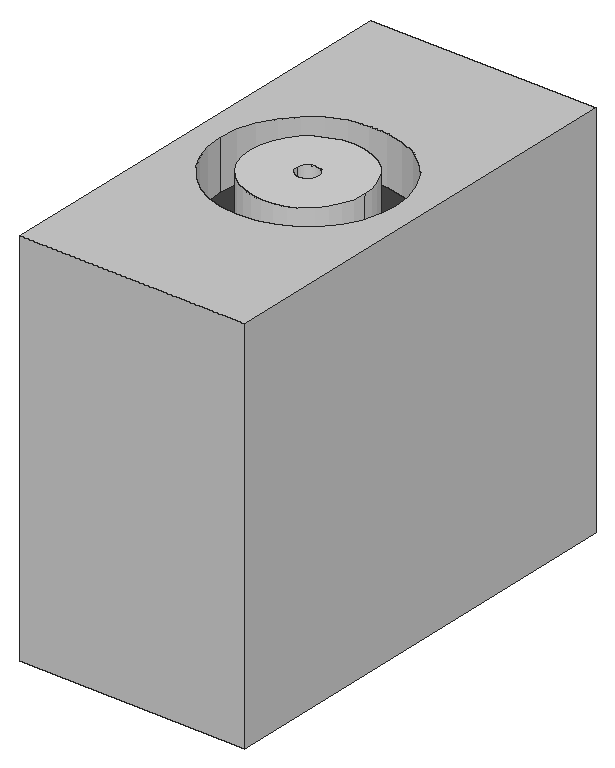
Revit family "Domotics-DomesticRanges-GEWISS-CHORUS_DATA-SOCKET-OUTLET_TV-SAT", category Apparecchi elettrici, host Superficie, Revit 2016
Family settings
  Host = Superficie
  Mantenere orientamento annotazione = Sì
  Tipo di parte = Normale
  Quota connettore circolare = Usa diametro
  Taglio con vuoti quando caricato = Sì
  Condiviso = Sì
  Punto di calcolo locali = Sì
Parameters (values of type "GW14374 - TV/SAT SOCKET 1M THROUGH 14dB F.CONN F T")
  Volt = 230 V
  Vista in pianta [instance] = yes
  Version file RFA = "19.0"
  URL = "https://www.gewiss.com/ww/en"
  Tipo_ = SYSTEM PRESE TV-SAT_GENERICO : GW titanio
  Technical sheet = "https://www.gewiss.com/ww/en/search?q=GW14374"
  Simbolo [instance] = yes
  Realized by GEWISS S.p.A. = ""
  Default Elevation = 1219.2 mm
  Produttore = "GEWISS S.p.A."
  Offset presa [instance] = 0 mm
  Offset bidimensionale [instance] = 39.3 mm
  N. poli = 1
  Modello = "GW14374"
  Immagine tipo = GW14371.jpg
  IFC.TypeObject = ""
  IFC.ExportType = ""
  IFC.ExportAs = ""
  IDT = "bacfc3d2-aa9f-48c9-8e08-3d3563ba30a4"
  IDF = "a22b526e-bee1-44ee-8d36-1e99666e472c"
  Electrocod = "0131                "
  EAN code = "8011564267039"
  Distanza_x [instance] = 0 mm
  Distanza_effettiva_y [instance] = 100 mm
  Distanza_effettiva_x [instance] = 1000 mm - Distanza_x  # 1000 mm
  Distanza orizzontale del simbolo [instance] = 45.729 mm
  Distanza dal muro [instance] = 4.208 mm
  Descrizione = "TV/SAT SOCKET 1M THROUGH 14dB F.CONN F T"
  Catalogue Range = "CHORUS - DOMESTIC RANGE"
  Catalogue = "DOMOTICS"
  Carico apparente = 0 VA
  COBie.Tagnumber = ""
  COBie.CreatedOn = ""
  COBie.CreatebBy = ""
  COBie.ComponentRegisterItemID = ""
  COBie.Component.TagNumber = ""
  COBie.Component.Space = ""
  COBie.Component.SerialNumber = ""
  COBie.Component.InstallationDate = ""
  COBie.Component.Description = ""
  COBie.Component.BarCode = ""
Types (12, lengths in mm): name | Tipo_ | Technical sheet | Modello | Immagine tipo | IDT | EAN code | Descrizione
  GW10371 - TV/SAT SOCKET 1M DIRECT F.CONN F WHITE | SYSTEM PRESE TV-SAT_GENERICO : GW bianco | "https://www.gewiss.com/ww/en/search?q=GW10371" | "GW10371" | GW10371.jpg | "651d4cbe-b60b-49dc-9467-a144d39ca3f4" | "8011564258976" | "TV/SAT SOCKET 1M DIRECT F.CONN F WHITE"
  GW10373 - TV/SAT SOCKET 1M THROUGH 10dB F.CONN F W | SYSTEM PRESE TV-SAT_GENERICO : GW bianco | "https://www.gewiss.com/ww/en/search?q=GW10373" | "GW10373" | GW10371.jpg | "8775f8ed-5378-44e9-9291-8e3a9621402a" | "8011564259379" | "TV/SAT SOCKET 1M THROUGH 10dB F.CONN F W"
  GW10374 - TV/SAT SOCKET 1M THROUGH 14dB F.CONN F W | SYSTEM PRESE TV-SAT_GENERICO : GW bianco | "https://www.gewiss.com/ww/en/search?q=GW10374" | "GW10374" | GW10371.jpg | "93d9e07e-83ea-4564-9baf-de39234038d2" | "8011564259386" | "TV/SAT SOCKET 1M THROUGH 14dB F.CONN F W"
  GW10372 - TV/SAT SOCKET 1M THROUGH 5dB F.CONN F W | SYSTEM PRESE TV-SAT_GENERICO : GW bianco | "https://www.gewiss.com/ww/en/search?q=GW10372" | "GW10372" | GW10371.jpg | "75b2ecfc-32a0-4029-9220-75e665effec4" | "8011564259362" | "TV/SAT SOCKET 1M THROUGH 5dB F.CONN F W"
  GW12371 - TV/SAT SOCKET 1M DIRECT F.CONN FEM B | SYSTEM PRESE TV-SAT_GENERICO : GW nero | "https://www.gewiss.com/ww/en/search?q=GW12371" | "GW12371" | GW12371.jpg | "8fc7672f-194d-491b-a95f-77dae402c105" | "8011564266674" | "TV/SAT SOCKET 1M DIRECT F.CONN FEM B"
  GW12373 - TV/SAT SOCKET 1M THROUGH 10dB F.CONN F B | SYSTEM PRESE TV-SAT_GENERICO : GW nero | "https://www.gewiss.com/ww/en/search?q=GW12373" | "GW12373" | GW12371.jpg | "6c520526-d988-4434-99b2-1fd5665010d3" | "8011564268975" | "TV/SAT SOCKET 1M THROUGH 10dB F.CONN F B"
  GW12374 - TV/SAT SOCKET 1M THROUGH 14dB F.CONN F B | SYSTEM PRESE TV-SAT_GENERICO : GW nero | "https://www.gewiss.com/ww/en/search?q=GW12374" | "GW12374" | GW12371.jpg | "68d82b11-8f6c-462e-b4d3-f078f6a50ddf" | "8011564268982" | "TV/SAT SOCKET 1M THROUGH 14dB F.CONN F B"
  GW12372 - TV/SAT SOCKET 1M THROUGH 5dB F.CONN F B | SYSTEM PRESE TV-SAT_GENERICO : GW nero | "https://www.gewiss.com/ww/en/search?q=GW12372" | "GW12372" | GW12371.jpg | "a00ede36-9391-4ca5-aad6-21cad01033a5" | "8011564268968" | "TV/SAT SOCKET 1M THROUGH 5dB F.CONN F B"
  GW14371 - TV/SAT SOCKET 1M DIRECT F.CONN FEM. T | SYSTEM PRESE TV-SAT_GENERICO : GW titanio | "https://www.gewiss.com/ww/en/search?q=GW14371" | "GW14371" | GW14371.jpg | "76908574-4404-4803-9588-a5cfa61e3ce3" | "8011564266803" | "TV/SAT SOCKET 1M DIRECT F.CONN FEM. T"
  GW14372 - TV/SAT SOCKET 1M THROUGH 5dB F.CONN F T | SYSTEM PRESE TV-SAT_GENERICO : GW titanio | "https://www.gewiss.com/ww/en/search?q=GW14372" | "GW14372" | GW14371.jpg | "7ecf5586-fc4b-46bf-b05b-4add57039093" | "8011564267015" | "TV/SAT SOCKET 1M THROUGH 5dB F.CONN F T"
  GW14373 - TV/SAT SOCKET 1M THROUGH 10dB F.CONN F T | SYSTEM PRESE TV-SAT_GENERICO : GW titanio | "https://www.gewiss.com/ww/en/search?q=GW14373" | "GW14373" | GW14371.jpg | "076d6f9d-2dd7-4344-9fdd-3cfd3ca6fe52" | "8011564267022" | "TV/SAT SOCKET 1M THROUGH 10dB F.CONN F T"
  GW14374 - TV/SAT SOCKET 1M THROUGH 14dB F.CONN F T | SYSTEM PRESE TV-SAT_GENERICO : GW titanio | "https://www.gewiss.com/ww/en/search?q=GW14374" | "GW14374" | GW14371.jpg | "bacfc3d2-aa9f-48c9-8e08-3d3563ba30a4" | "8011564267039" | "TV/SAT SOCKET 1M THROUGH 14dB F.CONN F T"
Reference planes
  plane 1 "Centro (Fronte/Retro)": y = 0
  plane 2: z = 0
  plane 3 "Centro (Sinistra/Destra)": x = 0
  plane 4: x = -1000
  plane 5: x = 0
  plane 6: y = 100
  plane 7: z = 0
  plane 8 "A": z = 39.3
  plane 9: z = 39
Lines and regions (mm)
  Masking region 1, visible <- "Vista in pianta"
    outline origin (0, 0, 0) x (1, 0, 0) y (0, 1, 0)
      loop
        line (-11.5, 22.5) -> (-11.5, -22.5) -> (11.5, -22.5) -> (11.5, 22.5) -> (-11.5, 22.5)
      loop
        circle (0, 0) r 5.854
      loop
        circle (0, 0) r 9.026
  Masking region 2, visible <- "Vista in pianta"
    outline origin (0, 0, 0) x (1, 0, 0) y (0, 0, 1)
      loop
        line (11.5, 0) -> (11.5, 39) -> (-11.5, 39) -> (-11.5, 0) -> (11.5, 0)
  Masking region 3, visible <- "Vista in pianta"
    outline origin (0, 0, 0) x (0, 1, 0) y (0, 0, 1)
      loop
        line (22.5, 39) -> (-22.5, 39) -> (-22.5, 0) -> (22.5, 0) -> (22.5, 39)
  model lines, style "0", not visible, detail levels coarse
    curve 1: arc (40.941, 35.069, 0) -> (36.863, 30.992, 0) -> (40.941, 26.915, 0) r 4.077
    curve 2: arc (48.922, 26.915, 0) -> (53, 30.992, 0) -> (48.922, 35.069, 0) r 4.077
    curve 3: line (56.432, 23.317, 0) -> (33.432, 23.317, 0)
    curve 4: line (33.432, 23.317, 0) -> (33.432, 68.317, 0)
    curve 5: line (33.432, 68.317, 0) -> (56.432, 68.317, 0)
    curve 6: line (56.432, 68.317, 0) -> (56.432, 23.317, 0)
    curve 7: line (40.941, 35.069, 0) -> (42.406, 35.069, 0)
    curve 8: line (42.406, 35.069, 0) -> (42.406, 64.372, 0)
    curve 9: line (42.406, 64.372, 0) -> (47.457, 64.372, 0)
    curve 10: line (47.457, 64.372, 0) -> (47.457, 35.069, 0)
    curve 11: line (47.457, 35.069, 0) -> (48.922, 35.069, 0)
    curve 12: line (40.941, 26.915, 0) -> (48.922, 26.915, 0)
    curve 13: circle (52.262, 43.827, 60) r 1.146 normal (0, 0, 1)
    curve 14: circle (52.262, 43.827, 60) r 9.026 normal (0, 0, 1)
    curve 15: circle (52.262, 43.827, 60) r 5.854 normal (0, 0, 1)
    curve 16: line (63.762, 21.327, 60) -> (40.762, 21.327, 60)
    curve 17: line (40.762, 21.327, 60) -> (40.762, 66.327, 60)
    curve 18: line (40.762, 66.327, 60) -> (63.762, 66.327, 60)
    curve 19: line (63.762, 66.327, 60) -> (63.762, 21.327, 60)
    curve 20: line (52.262, 55.507, 60) -> (49.371, 61.175, 60)
    curve 21: line (49.371, 61.175, 60) -> (48.566, 61.175, 60)
    curve 22: line (48.566, 61.175, 60) -> (52.262, 53.928, 60)
    curve 23: line (52.262, 53.928, 60) -> (55.958, 61.175, 60)
    curve 24: line (55.958, 61.175, 60) -> (55.153, 61.175, 60)
    curve 25: line (55.153, 61.175, 60) -> (52.262, 55.507, 60)
    curve 26: line (52.665, 63.758, 60) -> (55.483, 63.758, 60)
    curve 27: line (55.483, 63.758, 60) -> (55.483, 64.564, 60)
    curve 28: line (55.483, 64.564, 60) -> (49.041, 64.564, 60)
    curve 29: line (49.041, 64.564, 60) -> (49.041, 63.758, 60)
    curve 30: line (49.041, 63.758, 60) -> (51.859, 63.758, 60)
    curve 31: line (51.859, 63.758, 60) -> (51.859, 58.979, 60)
    curve 32: line (51.859, 58.979, 60) -> (52.665, 58.979, 60)
    curve 33: line (52.665, 58.979, 60) -> (52.665, 63.758, 60)
    curve 41: circle (51.963, 0, 0) r 1.146 normal (0, 0, 1)
    curve 42: circle (51.963, 0, 0) r 9.026 normal (0, 0, 1)
    curve 43: circle (51.963, 0, 0) r 5.854 normal (0, 0, 1)
    curve 44: line (63.463, -22.5, 0) -> (40.463, -22.5, 0)
    curve 45: line (40.463, -22.5, 0) -> (40.463, 22.5, 0)
    curve 46: line (40.463, 22.5, 0) -> (63.463, 22.5, 0)
    curve 47: line (63.463, 22.5, 0) -> (63.463, -22.5, 0)
    curve 48: line (52.166, 16.014, 0) -> (48.685, 19.494, 0)
    curve 49: line (48.685, 19.494, 0) -> (48.685, 20.08, 0)
    curve 50: line (48.685, 20.08, 0) -> (48.23, 20.535, 0)
    curve 51: line (48.23, 20.535, 0) -> (47.417, 20.373, 0)
    curve 52: line (47.417, 20.373, 0) -> (47.221, 19.885, 0)
    curve 53: line (47.221, 19.885, 0) -> (47.286, 19.332, 0)
    curve 54: line (47.286, 19.332, 0) -> (47.677, 19.072, 0)
    curve 55: line (47.677, 19.072, 0) -> (48.295, 19.072, 0)
    curve 56: line (48.295, 19.072, 0) -> (51.759, 15.607, 0)
    curve 57: line (51.759, 15.607, 0) -> (52.166, 16.014, 0)
    curve 58: line (49.408, 17.959, 0) -> (48.714, 17.145, 0)
    curve 59: line (48.714, 17.145, 0) -> (48.071, 16.198, 0)
    curve 60: line (48.071, 16.198, 0) -> (47.507, 15.135, 0)
    curve 61: line (47.507, 15.135, 0) -> (47.16, 14.159, 0)
    curve 62: line (47.16, 14.159, 0) -> (47.03, 13.248, 0)
    curve 63: line (47.03, 13.248, 0) -> (47.073, 12.316, 0)
    curve 64: line (47.073, 12.316, 0) -> (47.377, 11.73, 0)
    curve 65: line (47.377, 11.73, 0) -> (47.854, 11.318, 0)
    curve 66: line (47.854, 11.318, 0) -> (48.369, 11.045, 0)
    curve 67: line (48.369, 11.045, 0) -> (49.047, 10.863, 0)
    curve 68: line (49.047, 10.863, 0) -> (49.979, 10.906, 0)
    curve 69: line (49.979, 10.906, 0) -> (51.302, 11.34, 0)
    curve 70: line (51.302, 11.34, 0) -> (52.669, 12.121, 0)
    curve 71: line (52.669, 12.121, 0) -> (53.991, 13.162, 0)
    curve 72: line (53.991, 13.162, 0) -> (55.098, 14.333, 0)
    curve 73: line (55.098, 14.333, 0) -> (55.878, 15.482, 0)
    curve 74: line (55.878, 15.482, 0) -> (56.442, 16.61, 0)
    curve 75: line (56.442, 16.61, 0) -> (56.811, 17.911, 0)
    curve 76: line (56.811, 17.911, 0) -> (56.854, 18.79, 0)
    curve 77: line (56.854, 18.79, 0) -> (56.659, 19.505, 0)
    curve 78: line (56.659, 19.505, 0) -> (56.334, 19.961, 0)
    curve 79: line (56.334, 19.961, 0) -> (55.792, 20.373, 0)
    curve 80: line (55.792, 20.373, 0) -> (55.163, 20.698, 0)
    curve 81: line (55.163, 20.698, 0) -> (54.541, 20.731, 0)
    curve 82: line (54.541, 20.731, 0) -> (53.597, 20.633, 0)
    curve 83: line (53.597, 20.633, 0) -> (52.784, 20.34, 0)
    curve 84: line (52.784, 20.34, 0) -> (51.515, 19.722, 0)
    curve 85: line (51.515, 19.722, 0) -> (50.474, 18.974, 0)
    curve 86: line (50.474, 18.974, 0) -> (49.817, 18.363, 0)
    curve 87: line (50.27, 17.909, 0) -> (51.042, 18.573, 0)
    curve 88: line (51.042, 18.573, 0) -> (51.909, 19.137, 0)
    curve 89: line (51.909, 19.137, 0) -> (52.647, 19.527, 0)
    curve 90: line (52.647, 19.527, 0) -> (53.406, 19.831, 0)
    curve 91: line (53.406, 19.831, 0) -> (54.252, 19.961, 0)
    curve 92: line (54.252, 19.961, 0) -> (55.011, 19.982, 0)
    curve 93: line (55.011, 19.982, 0) -> (55.575, 19.679, 0)
    curve 94: line (55.575, 19.679, 0) -> (56.03, 19.093, 0)
    curve 95: line (56.03, 19.093, 0) -> (56.117, 18.312, 0)
    curve 96: line (56.117, 18.312, 0) -> (56.073, 17.553, 0)
    curve 97: line (56.073, 17.553, 0) -> (55.857, 16.903, 0)
    curve 98: line (55.857, 16.903, 0) -> (55.314, 15.84, 0)
    curve 99: line (55.314, 15.84, 0) -> (54.512, 14.712, 0)
    curve 100: line (54.512, 14.712, 0) -> (53.597, 13.798, 0)
    curve 101: line (53.597, 13.798, 0) -> (52.6, 12.988, 0)
    curve 102: line (52.6, 12.988, 0) -> (51.472, 12.251, 0)
    curve 103: line (51.472, 12.251, 0) -> (50.735, 11.976, 0)
    curve 104: line (50.735, 11.976, 0) -> (49.896, 11.701, 0)
    curve 105: line (49.896, 11.701, 0) -> (48.956, 11.629, 0)
    curve 106: line (48.956, 11.629, 0) -> (48.378, 11.803, 0)
    curve 107: line (48.378, 11.803, 0) -> (47.988, 12.193, 0)
    curve 108: line (47.988, 12.193, 0) -> (47.785, 12.728, 0)
    curve 109: line (47.785, 12.728, 0) -> (47.771, 13.538, 0)
    curve 110: line (47.771, 13.538, 0) -> (47.901, 14.347, 0)
    curve 111: line (47.901, 14.347, 0) -> (48.204, 15.07, 0)
    curve 112: line (48.204, 15.07, 0) -> (48.551, 15.649, 0)
    curve 113: line (48.551, 15.649, 0) -> (49.014, 16.386, 0)
    curve 114: line (49.014, 16.386, 0) -> (49.491, 16.964, 0)
    curve 115: line (49.491, 16.964, 0) -> (49.91, 17.456, 0)
    curve 116: line (56.706, 15.45, 0) -> (56.099, 14.394, 0)
    curve 117: line (56.099, 14.394, 0) -> (55.347, 13.44, 0)
    curve 118: line (55.347, 13.44, 0) -> (54.552, 12.645, 0)
    curve 119: line (54.552, 12.645, 0) -> (53.757, 11.965, 0)
    curve 120: line (53.757, 11.965, 0) -> (52.846, 11.358, 0)
    curve 121: line (52.846, 11.358, 0) -> (52.036, 10.982, 0)
    curve 122: line (52.036, 10.982, 0) -> (52.397, 10.331, 0)
    curve 123: line (52.397, 10.331, 0) -> (53.178, 10.722, 0)
    curve 124: line (53.178, 10.722, 0) -> (54.046, 11.228, 0)
    curve 125: line (54.046, 11.228, 0) -> (55.029, 12.052, 0)
    curve 126: line (55.029, 12.052, 0) -> (55.853, 12.876, 0)
    curve 127: line (55.853, 12.876, 0) -> (56.677, 13.888, 0)
    curve 128: line (56.677, 13.888, 0) -> (57.111, 14.655, 0)
    curve 129: line (57.111, 14.655, 0) -> (57.4, 15.218, 0)
    curve 130: line (57.4, 15.218, 0) -> (56.706, 15.45, 0)
    curve 131: circle (38.734, 0, 39.3) r 1.146 normal (0, 0, 1)
    curve 132: circle (38.734, 0, 39.3) r 9.026 normal (0, 0, 1)
    curve 133: circle (38.734, 0, 39.3) r 5.854 normal (0, 0, 1)
    curve 134: line (50.234, -22.5, 39.3) -> (27.234, -22.5, 39.3)
    curve 135: line (27.234, -22.5, 39.3) -> (27.234, 22.5, 39.3)
    curve 136: line (27.234, 22.5, 39.3) -> (50.234, 22.5, 39.3)
    curve 137: line (50.234, 22.5, 39.3) -> (50.234, -22.5, 39.3)
  model lines, style "0", detail levels coarse
    curve 34: circle (0, 0, 39.3) r 1.146 normal (0, 0, 1)
    curve 35: circle (0, 0, 39.3) r 9.026 normal (0, 0, 1)
    curve 36: circle (0, 0, 39.3) r 5.854 normal (0, 0, 1)
    curve 37: line (11.5, -22.5, 39.3) -> (-11.5, -22.5, 39.3)
    curve 38: line (-11.5, -22.5, 39.3) -> (-11.5, 22.5, 39.3)
    curve 39: line (-11.5, 22.5, 39.3) -> (11.5, 22.5, 39.3)
    curve 40: line (11.5, 22.5, 39.3) -> (11.5, -22.5, 39.3)
  model lines
    curve 138: line (-4.713, 18.667, 39.3) -> (-6.702, 18.667, 39.3)
    curve 139: line (-6.702, 18.667, 39.3) -> (-7.529, 17.08, 39.3)
    curve 140: line (-7.529, 17.08, 39.3) -> (-6.838, 15.913, 39.3)
    curve 141: line (-6.838, 15.913, 39.3) -> (-4.877, 15.913, 39.3)
    curve 142: line (-4.877, 15.913, 39.3) -> (-3.934, 14.318, 39.3)
    curve 143: line (-3.934, 14.318, 39.3) -> (-4.654, 12.941, 39.3)
    curve 144: line (-4.654, 12.941, 39.3) -> (-6.702, 12.941, 39.3)
    curve 145: line (-2.183, 12.678, 39.3) -> (-0.003, 18.667, 39.3)
    curve 146: line (-0.003, 18.667, 39.3) -> (2.177, 12.678, 39.3)
    curve 147: line (-1.558, 14.396, 39.3) -> (1.552, 14.396, 39.3)
    curve 148: line (3.079, 18.667, 39.3) -> (7.042, 18.667, 39.3)
    curve 149: line (5.162, 18.667, 39.3) -> (5.162, 12.678, 39.3)
  model lines, not visible
    curve 150: line (34.021, 18.667, 39.3) -> (32.032, 18.667, 39.3)
    curve 151: line (32.032, 18.667, 39.3) -> (31.205, 17.08, 39.3)
    curve 152: line (31.205, 17.08, 39.3) -> (31.896, 15.913, 39.3)
    curve 153: line (31.896, 15.913, 39.3) -> (33.857, 15.913, 39.3)
    curve 154: line (33.857, 15.913, 39.3) -> (34.8, 14.318, 39.3)
    curve 155: line (34.8, 14.318, 39.3) -> (34.08, 12.941, 39.3)
    curve 156: line (34.08, 12.941, 39.3) -> (32.032, 12.941, 39.3)
    curve 157: line (36.551, 12.678, 39.3) -> (38.731, 18.667, 39.3)
    curve 158: line (38.731, 18.667, 39.3) -> (40.911, 12.678, 39.3)
    curve 159: line (37.177, 14.396, 39.3) -> (40.286, 14.396, 39.3)
    curve 160: line (41.813, 18.667, 39.3) -> (45.776, 18.667, 39.3)
    curve 161: line (43.896, 18.667, 39.3) -> (43.896, 12.678, 39.3)
Dimensions and locks
  plane 4 to plane 3 "Centro (Sinistra/Destra)" = 1000 mm
  "Distanza_effettiva_x": plane 4 to plane 5
  "Distanza_effettiva_y": plane 6 to plane 1 "Centro (Fronte/Retro)"
  "Offset presa": plane 7 to host face
  "Offset bidimensionale": plane 8 "A" to host face
  locked: plane 9 to plane 7 at 39
  aligned and locked: plane 2 to host face
  aligned and locked: level to host face
  aligned and locked: nested 1 to plane 5
  aligned and locked: nested 1 to plane 6
  aligned and locked: plane 3 "Centro (Sinistra/Destra)" to nested 2
  aligned and locked: plane 1 "Centro (Fronte/Retro)" to nested 2
  aligned and locked: plane 9 to Masking region 2 sketch curve
  aligned and locked: Masking region 2 to plane 7
  aligned and locked: Masking region 3 to plane 7
Automatic sketch dimensions
  host sketch curve to host sketch curve = 2438.4 mm  (x2)
  plane 1 "Centro (Fronte/Retro)" to Masking region 1 sketch curve = 0 mm
  Masking region 1 sketch curve to plane 3 "Centro (Sinistra/Destra)" = 0 mm
  Masking region 1 sketch curve to Masking region 1 sketch curve = 5.854 mm
  Masking region 1 sketch curve to Masking region 1 sketch curve = 0 mm  (x2)
  Masking region 1 sketch curve to Masking region 1 sketch curve = 3.172 mm
  plane 3 "Centro (Sinistra/Destra)" to Masking region 2 sketch curve = 11.5 mm
  curve 34 to curve 36 = 0 mm  (x4)
  curve 35 to curve 36 = 0 mm  (x3)
  curve 38 to curve 34 = 22.5 mm
  curve 34 to curve 37 = 22.5 mm
  curve 38 to curve 34 = 11.5 mm
  curve 38 to curve 39 = 23 mm
  curve 131 to curve 133 = 0 mm  (x4)
  curve 132 to curve 133 = 0 mm  (x3)
  curve 135 to curve 131 = 22.5 mm
  curve 131 to curve 134 = 22.5 mm
  curve 135 to curve 131 = 11.5 mm
  curve 135 to curve 136 = 23 mm
  curve 39 to curve 148 = 3.833 mm
  curve 146 to curve 148 = 0 mm
  curve 38 to curve 138 = 3.833 mm
  curve 138 to curve 140 = 1.587 mm
  curve 139 to curve 140 = 1.167 mm
  curve 141 to curve 142 = 1.595 mm
  curve 142 to curve 144 = 1.376 mm
  curve 147 to curve 149 = 1.718 mm
  curve 147 to curve 146 = 1.718 mm
  curve 147 to curve 145 = 1.718 mm
  curve 38 to curve 139 = 3.971 mm
  curve 139 to curve 140 = 0.69 mm
  curve 139 to curve 139 = 0.827 mm
  curve 140 to curve 144 = 0.137 mm
  curve 140 to curve 142 = 1.962 mm
  curve 138 to curve 138 = 1.989 mm
  curve 144 to curve 144 = 2.048 mm
  curve 143 to curve 143 = 0.72 mm
  curve 142 to curve 145 = 1.751 mm
  curve 145 to curve 147 = 0.625 mm
  curve 147 to curve 146 = 1.555 mm
  curve 147 to curve 146 = 0.625 mm
  curve 145 to curve 148 = 3.082 mm
  curve 148 to curve 149 = 2.083 mm
  curve 149 to curve 148 = 1.88 mm
  curve 34 to curve 35 = 0 mm  (x3)
  curve 136 to curve 160 = 3.833 mm
  curve 158 to curve 160 = 0 mm
  curve 135 to curve 150 = 3.833 mm
  curve 150 to curve 152 = 1.587 mm
  curve 151 to curve 152 = 1.167 mm
  curve 153 to curve 154 = 1.595 mm
  curve 154 to curve 156 = 1.376 mm
  curve 159 to curve 161 = 1.718 mm
  curve 159 to curve 158 = 1.718 mm
  curve 159 to curve 157 = 1.718 mm
  curve 135 to curve 151 = 3.971 mm
  curve 151 to curve 152 = 0.69 mm
  curve 151 to curve 151 = 0.827 mm
  curve 152 to curve 156 = 0.137 mm
  curve 152 to curve 154 = 1.962 mm
  curve 150 to curve 150 = 1.989 mm
  curve 156 to curve 156 = 2.048 mm
  curve 155 to curve 155 = 0.72 mm
  curve 154 to curve 157 = 1.751 mm
  curve 157 to curve 159 = 0.625 mm
  curve 159 to curve 158 = 1.555 mm
  curve 159 to curve 158 = 0.625 mm
  curve 157 to curve 160 = 3.082 mm
  curve 160 to curve 161 = 2.083 mm
  curve 161 to curve 160 = 1.88 mm
  curve 131 to curve 132 = 0 mm  (x3)
  Masking region 1 sketch curve to plane 3 "Centro (Sinistra/Destra)" = 11.5 mm
  plane 3 "Centro (Sinistra/Destra)" to Masking region 1 sketch curve = 11.5 mm
  plane 1 "Centro (Fronte/Retro)" to Masking region 1 sketch curve = 22.5 mm
  Masking region 1 sketch curve to plane 1 "Centro (Fronte/Retro)" = 22.5 mm
  Masking region 2 sketch curve to level = 0 mm
  Masking region 2 sketch curve to plane 3 "Centro (Sinistra/Destra)" = 11.5 mm
  plane 9 to Masking region 3 sketch curve = 0 mm
  Masking region 3 sketch curve to level = 0 mm
  plane 1 "Centro (Fronte/Retro)" to Masking region 3 sketch curve = 22.5 mm
  Masking region 3 sketch curve to plane 1 "Centro (Fronte/Retro)" = 22.5 mm
  radius of curve 34 = 1.146 mm
  radius of curve 35 = 9.026 mm
  radius of curve 36 = 5.854 mm
  radius of curve 131 = 1.146 mm
  radius of curve 132 = 9.026 mm
  radius of curve 133 = 5.854 mm
Nested families
  nested 1: "SIMBOLO" at (0, 100, 0), visible <- "Simbolo", SIMBOLO <- "Simbolo", type "SIMBOLO"
    with SIMBOLO yes, Distanza dal muro 4.208 mm, BORDO ACCESO yes
  nested 2: "SYSTEM PRESE TV-SAT_GENERICO" at (0, 0, 0), type <- "Tipo_", type "GW titanio", detail levels medium+fine
Connectors
  electrical at (0, 0, 0), driven by "N. poli", driven by "Volt", driven by "Carico apparente"
    settings: on nested 2, index 1, voltage 230 V, apparent load 0 VA, apparent load phase1 0 VA, apparent load phase2 0 VA, apparent load phase3 0 VA, power factor 1, load classification "Altro", number of poles 1, system type 31, power factor state 1, is connector primary yes, connector utility no, sub classification motor no, connector description ""
Definition of nested family "SYSTEM PRESE TV-SAT_GENERICO"
  Parameters (values of type "GW bianco")
    Profondità presa = 39 mm
    Finitura System Limitatore Tensione = none
    Altezza da Terra = 750 mm
  Types (3): name
    GW bianco
    GW nero
    GW titanio
  Reference planes
    plane 1 "Centro (Fronte/Retro)": y = 0
    plane 2: z = 0
    plane 3 "Centro (Sinistra/Destra)": x = 0
    plane 4: z = 0
    plane 5 "a": z = 39
    plane 6: z = 34
    plane 7: x = -11.5
    plane 8: x = 11.5
    plane 9: y = 22.5
    plane 10: y = -22.5
    plane 11: z = 1
  Forms (mm)
    Extrusion 1, solid, material <- "Finitura System Limitatore Tensione"
      sketch origin (-51.929, -802.514, 39) x (1, 0, 0) y (0, 1, 0)
        loop
          line (40.429, 825.014) -> (40.429, 780.014) -> (63.429, 780.014) -> (63.429, 825.014) -> (40.429, 825.014)
        loop
          circle (51.929, 802.514) r 9.026
      from 0 to -39
    Extrusion 2, solid, material <- "Finitura System Limitatore Tensione"
      sketch origin (0, 0, 0) x (1, 0, 0) y (0, 1, 0)
        loop
          circle (0, 0) r 9.026
      from 0 to 1
    Extrusion 3, solid
      sketch origin (0, 0, 0) x (1, 0, 0) y (0, 1, 0)
        loop
          circle (0, 0) r 9.026
      from 1 to 34
    Extrusion 4, solid
      sketch origin (0, 0, 0) x (1, 0, 0) y (0, 1, 0)
        loop
          circle (0, 0) r 5.854
        loop
          circle (0, 0) r 1.146
      from 34 to 39
  Cuts and joins
    joined: Extrusion 1, Extrusion 2
  Lines and regions (mm)
    model lines
      curve 1: line (-6.702, 18.667, 39) -> (-4.713, 18.667, 39)
      curve 2: line (-6.702, 18.667, 39) -> (-7.529, 17.08, 39)
      curve 3: line (-7.529, 17.08, 39) -> (-6.838, 15.913, 39)
      curve 4: line (-4.877, 15.913, 39) -> (-3.934, 14.318, 39)
      curve 5: line (-6.838, 15.913, 39) -> (-4.877, 15.913, 39)
      curve 6: line (-3.934, 14.318, 39) -> (-4.654, 12.941, 39)
      curve 7: line (-4.654, 12.941, 39) -> (-6.702, 12.941, 39)
      curve 8: line (-0.003, 18.667, 39) -> (-2.183, 12.678, 39)
      curve 9: line (1.552, 14.396, 39) -> (-1.558, 14.396, 39)
      curve 10: line (5.162, 18.667, 39) -> (5.162, 12.678, 39)
      curve 11: line (-0.003, 18.667, 39) -> (2.177, 12.678, 39)
      curve 12: line (3.079, 18.667, 39) -> (7.042, 18.667, 39)
  Dimensions and locks
    "Profondità presa": plane 5 "a" to level
    plane 5 "a" to plane 6 = 5 mm
    equal spacing: plane 10, plane 1 "Centro (Fronte/Retro)", plane 9
    plane 10 to plane 9 = 45 mm
    equal spacing: plane 7, plane 3 "Centro (Sinistra/Destra)", plane 8
    plane 7 to plane 8 = 23 mm
    locked: plane 11 to level at 1
    aligned and locked: level to plane 2
    aligned and locked: Extrusion 1 to plane 4
    aligned and locked: plane 2 to plane 4
    aligned and locked: plane 5 "a" to Extrusion 1
    aligned and locked: plane 7 to Extrusion 1
    aligned and locked: Extrusion 1 to plane 8
    aligned and locked: Extrusion 1 to plane 9
    aligned and locked: plane 10 to Extrusion 1
    aligned and locked: Extrusion 2 to level
    aligned and locked: plane 11 to Extrusion 2
    aligned and locked: Extrusion 3 to plane 11
    aligned and locked: plane 6 to Extrusion 3
    aligned and locked: Extrusion 4 to plane 6
    aligned and locked: plane 5 "a" to Extrusion 4
  Automatic sketch dimensions
    Extrusion 1 sketch curve to plane 3 "Centro (Sinistra/Destra)" = 11.5 mm
    plane 1 "Centro (Fronte/Retro)" to Extrusion 1 sketch curve = 22.5 mm
    Extrusion 1 sketch curve to plane 1 "Centro (Fronte/Retro)" = 22.5 mm
    plane 3 "Centro (Sinistra/Destra)" to Extrusion 1 sketch curve = 11.5 mm
    Extrusion 2 sketch curve to Extrusion 2 sketch curve = 0 mm  (x2)
    plane 1 "Centro (Fronte/Retro)" to Extrusion 2 sketch curve = 0 mm
    Extrusion 2 sketch curve to plane 3 "Centro (Sinistra/Destra)" = 0 mm
    Extrusion 2 sketch curve to plane 7 = 2.474 mm
    Extrusion 3 sketch curve to Extrusion 3 sketch curve = 0 mm  (x2)
    plane 1 "Centro (Fronte/Retro)" to Extrusion 3 sketch curve = 0 mm
    Extrusion 3 sketch curve to plane 3 "Centro (Sinistra/Destra)" = 0 mm
    Extrusion 3 sketch curve to plane 7 = 2.474 mm
    plane 9 to curve 1 = 3.833 mm
    curve 11 to plane 3 "Centro (Sinistra/Destra)" = 0.003 mm
    plane 9 to curve 11 = 3.833 mm
    curve 1 to curve 2 = 1.587 mm
    curve 2 to curve 5 = 1.167 mm
    curve 4 to plane 3 "Centro (Sinistra/Destra)" = 3.934 mm
    curve 4 to curve 4 = 1.595 mm
    curve 6 to plane 3 "Centro (Sinistra/Destra)" = 4.654 mm
    curve 4 to curve 6 = 1.376 mm
    curve 4 to curve 4 = 0.943 mm
    curve 1 to curve 4 = 1.825 mm
    curve 3 to curve 4 = 1.962 mm
    curve 2 to curve 3 = 0.69 mm
    curve 8 to curve 12 = 0 mm
    curve 9 to curve 4 = 0.078 mm
    plane 3 "Centro (Sinistra/Destra)" to curve 11 = 2.177 mm
    curve 9 to curve 11 = 1.718 mm
    curve 11 to curve 10 = 0 mm
    curve 8 to plane 3 "Centro (Sinistra/Destra)" = 2.183 mm
    curve 9 to curve 8 = 1.718 mm
    curve 1 to curve 1 = 1.989 mm
    curve 7 to curve 6 = 2.048 mm
    plane 3 "Centro (Sinistra/Destra)" to curve 12 = 3.079 mm
    curve 11 to curve 10 = 2.985 mm
    curve 10 to curve 12 = 1.88 mm
Definition of nested family "SIMBOLO"
  Parameters (values of type "SIMBOLO")
    SIMBOLO [instance] = yes
    Distanza dal muro [instance] = 4.208 mm
    BORDO ACCESO [instance] = yes
  Reference planes
    plane 1: y = 0
    plane 2: x = 0
  Dimensions and locks
    aligned and locked: plane 1 to nested 1
  Nested families
    nested 1: "SCARICSOVRAT_BASE" at (0, 0, 0), BORDO ACCESO <- "BORDO ACCESO", visible <- "SIMBOLO", type "SCARICSOVRAT"
      with BORDO ACCESO yes
  Definition of nested family "SCARICSOVRAT_BASE"
    Parameters (values of type "SCARICSOVRAT")
      Distanza dal muro = 4.208 mm
      BORDO ACCESO [instance] = yes
    Reference planes
      plane 1: y = 0
      plane 2: x = 0
    Lines and regions (mm)
      detail lines, visible <- "BORDO ACCESO", not visible
        curve 1: line (-1.743, 9.208, 0) -> (2.057, 9.208, 0)
        curve 2: line (2.057, 9.208, 0) -> (2.057, 4.208, 0)
        curve 3: line (2.057, 4.208, 0) -> (-1.743, 4.208, 0)
        curve 4: line (-1.743, 4.208, 0) -> (-1.743, 9.208, 0)
        curve 5: line (-1.543, 9.008, 0) -> (1.857, 9.008, 0)
        curve 6: line (1.857, 9.008, 0) -> (1.857, 4.408, 0)
        curve 7: line (1.857, 4.408, 0) -> (-1.543, 4.408, 0)
        curve 8: line (-1.543, 4.408, 0) -> (-1.543, 9.008, 0)
    Dimensions and locks
      aligned and locked: import instance to plane 2
      aligned and locked: plane 1 to import instance
